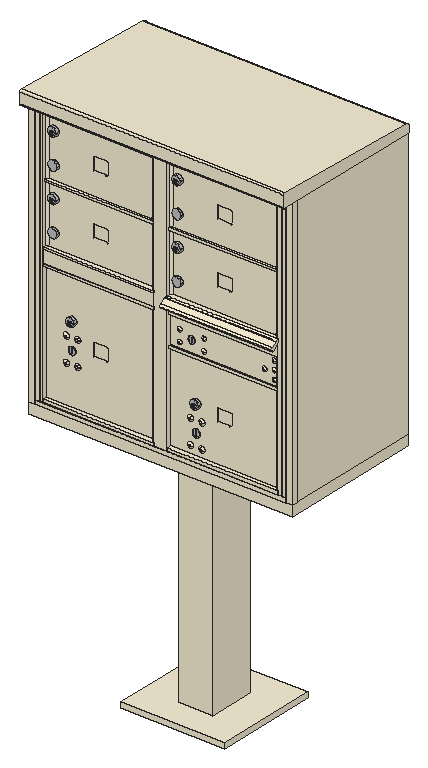
Revit family "Mailboxes_Cluster_Box_Units-Salsbury_Industries-Type_I_II_III_IV_V_VI", category Specialty Equipment, Revit 2016 (continued)
Types (6): name | Visible Divider-Low | Visible Divider-High | Pedestal Height | Model | Mail Door-Low | Mail Door-High | Door Slot R9 Number | Door Slot R9 | Door Slot R8 Number | Door Slot R8 | Door Slot R7B | Door Slot R7 Number | Door Slot R7 | Door Slot R6B | Door Slot R6 Number | Door Slot R6 | Door Slot R5B | Door Slot R5 Number | Door Slot R5 | Door Slot R4B | Door Slot R4 Number | Door Slot R4 | Door Slot R3B | Door Slot R3 Number | Door Slot R3 | Door Slot R2B | Door Slot R2 Number | Door Slot R2 | Door Slot R1B | Door Slot R1 Number | Door Slot R1 | Door Slot L9 Number | Door Slot L9 | Door Slot L8 Number | Door Slot L8 | Door Slot L7 Number | Door Slot L7 | Door Slot L6B | Door Slot L6 Number | Door Slot L6 | Door Slot L5B | Door Slot L5 Number | Door Slot L5 | Door Slot L4B | Door Slot L4 Number | Door Slot L4 | Door Slot L3B | Door Slot L3 Number | Door Slot L3 | Door Slot L2B | Door Slot L2 Number | Door Slot L2 | Door Slot L1B | Door Slot L1 Number | Door Slot L1 | Door Slot L7B | Description | Box Height
  3313 | yes | no | 14.500" | "3313" | 3300 Series CBU Large Mail Configuration : Large Mail Door | 3300 Series CBU Door Configurations : Empty | "0" | 3300 Series CBU Door Configurations : Empty | "0" | 3300 Series CBU Door Configurations : Empty | 3300 Series CBU Door Configurations : B Door w/ Divider | "13" | 3300 Series CBU Door Configurations : Empty | 3300 Series CBU Door Configurations : B Door w/ Divider | "12" | 3300 Series CBU Door Configurations : Empty | 3300 Series CBU Door Configurations : B Door w/ Divider | "11" | 3300 Series CBU Door Configurations : Empty | 3300 Series CBU Door Configurations : B Door w/ Divider | "10" | 3300 Series CBU Door Configurations : Empty | 3300 Series CBU Door Configurations : B Door w/ Divider | "9" | 3300 Series CBU Door Configurations : Empty | 3300 Series CBU Door Configurations : B Door w/ Divider | "8" | 3300 Series CBU Door Configurations : Empty | 3300 Series CBU Door Configurations : B Door | "7" | 3300 Series CBU Door Configurations : Empty | "0" | 3300 Series CBU Door Configurations : Empty | "0" | 3300 Series CBU Door Configurations : Empty | "1P" | 3300 Series CBU Door Configurations : Empty | 3300 Series CBU Door Configurations : B Door w/ Divider | "6" | 3300 Series CBU Door Configurations : Empty | 3300 Series CBU Door Configurations : B Door | "5" | 3300 Series CBU Door Configurations : Empty | 3300 Series CBU Door Configurations : B Door w/ Divider | "4" | 3300 Series CBU Door Configurations : Empty | 3300 Series CBU Door Configurations : B Door w/ Divider | "3" | 3300 Series CBU Door Configurations : Empty | 3300 Series CBU Door Configurations : B Door w/ Divider | "2" | 3300 Series CBU Door Configurations : Empty | 3300 Series CBU Door Configurations : B Door | "1" | 3300 Series CBU Door Configurations : Empty | 3300 Series CBU Parcel Configurations : CBU Small Parcel | "13 B Doors, 1 Small Parcel Locker - Type IV - USPS Access" | 48.025"
  3306 | no | yes | 14.500" | "3306" | 3300 Series CBU Door Configurations : Empty | 3300 Series CBU Small Mail Configuration : Small Mail Door | "4P" | 3300 Series CBU Parcel Configurations : CBU Large Parcel | "0" | 3300 Series CBU Door Configurations : Empty | 3300 Series CBU Door Configurations : Empty | "3P" | 3300 Series CBU Parcel Configurations : CBU Small Parcel | 3300 Series CBU Door Configurations : Empty | "0" | 3300 Series CBU Door Configurations : Empty | 3300 Series CBU Door Configurations : Empty | "0" | 3300 Series CBU Door Configurations : Empty | 3300 Series CBU Door Configurations : Empty | "2P" | 3300 Series CBU Parcel Configurations : CBU Large Parcel without Divider | 3300 Series CBU Door Configurations : Empty | "0" | 3300 Series CBU Door Configurations : Empty | 3300 Series CBU Door Configurations : Empty | "0" | 3300 Series CBU Door Configurations : Empty | 3300 Series CBU Door Configurations : Empty | "0" | 3300 Series CBU Door Configurations : Empty | "1P" | 3300 Series CBU Parcel Configurations : CBU Large Parcel | "8" | 3300 Series CBU Door Configurations : A Door w/ Divider | "7" | 3300 Series CBU Door Configurations : A Door w/ Divider | 3300 Series CBU Door Configurations : Empty | "6" | 3300 Series CBU Door Configurations : A Door w/ Divider | 3300 Series CBU Door Configurations : Empty | "5" | 3300 Series CBU Door Configurations : A Door | 3300 Series CBU Door Configurations : Empty | "4" | 3300 Series CBU Door Configurations : A Door w/ Divider | 3300 Series CBU Door Configurations : Empty | "3" | 3300 Series CBU Door Configurations : A Door w/ Divider | 3300 Series CBU Door Configurations : Empty | "2" | 3300 Series CBU Door Configurations : A Door w/ Divider | 3300 Series CBU Door Configurations : Empty | "1" | 3300 Series CBU Door Configurations : A Door | 3300 Series CBU Door Configurations : Empty | "8 A Doors, 3 Large Parcel Lockers, 1 Small Parcel Locker - Type VI - USPS Access" | 48.025"
  3305 | no | yes | 28.500" | "3305" | 3300 Series CBU Door Configurations : Empty | 3300 Series CBU Small Mail Configuration : Small Mail Door | "2P" | 3300 Series CBU Parcel Configurations : CBU Small Parcel | "0" | 3300 Series CBU Door Configurations : Empty | 3300 Series CBU Door Configurations : Empty | "0" | 3300 Series CBU Door Configurations : Empty | 3300 Series CBU Door Configurations : Empty | "0" | 3300 Series CBU Door Configurations : Empty | 3300 Series CBU Door Configurations : Empty | "0" | 3300 Series CBU Door Configurations : Empty | 3300 Series CBU Door Configurations : Empty | "4" | 3300 Series CBU C-Door Configurations : C Door w/ Divider | 3300 Series CBU Door Configurations : Empty | "0" | 3300 Series CBU Door Configurations : Empty | 3300 Series CBU Door Configurations : Empty | "3" | 3300 Series CBU C-Door Configurations : C Door | 3300 Series CBU Door Configurations : Empty | "0" | 3300 Series CBU Door Configurations : Empty | "1P" | 3300 Series CBU Parcel Configurations : CBU Large Parcel | "0" | 3300 Series CBU Door Configurations : Empty | "0" | 3300 Series CBU Door Configurations : Empty | 3300 Series CBU Door Configurations : Empty | "0" | 3300 Series CBU Door Configurations : Empty | 3300 Series CBU Door Configurations : Empty | "0" | 3300 Series CBU Door Configurations : Empty | 3300 Series CBU Door Configurations : Empty | "2" | 3300 Series CBU C-Door Configurations : C Door w/ Divider | 3300 Series CBU Door Configurations : Empty | "0" | 3300 Series CBU Door Configurations : Empty | 3300 Series CBU Door Configurations : Empty | "1" | 3300 Series CBU C-Door Configurations : C Door | 3300 Series CBU Door Configurations : Empty | "0" | 3300 Series CBU Door Configurations : Empty | 3300 Series CBU Door Configurations : Empty | "4 C Doors, 1 Large Parcel Locker, 1 Small Parcel Locker - Type V - USPS Access" | 34.025"
